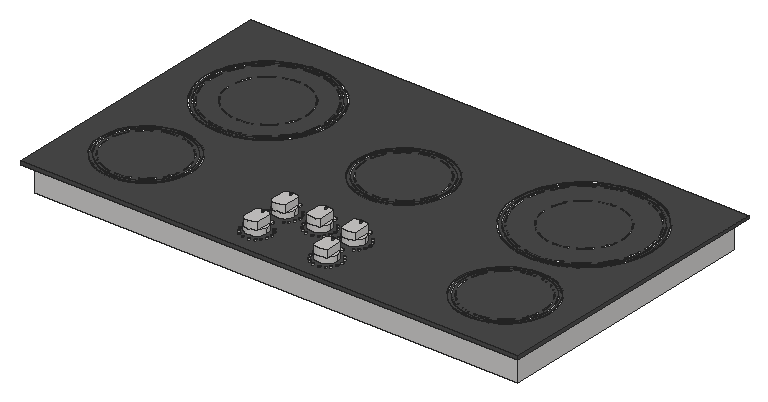
Revit family "QF_Summit_CR5B36MB_Electric Cooktop", category Specialty Equipment, Revit 2020 (continued)
Automatic sketch dimensions
  Extrusion 1 sketch curve to plane 9 = 1.76316"  (x2)
  Extrusion 1 sketch curve to Extrusion 1 sketch curve = 0.01087"  (x3)
  Extrusion 1 sketch curve to Extrusion 1 sketch curve = 0.2443"  (x2)
  Extrusion 1 sketch curve to Extrusion 1 sketch curve = 0.02692"  (x2)
  plane 8 "Center X" to Extrusion 1 sketch curve = 2.38316"
  plane 8 "Center X" to Extrusion 1 sketch curve = 2.36784"
  plane 8 "Center X" to Extrusion 1 sketch curve = 0.16354"
  Extrusion 1 sketch curve to Extrusion 1 sketch curve = 0.38837"
  plane 8 "Center X" to Extrusion 1 sketch curve = 2.79942"
  Extrusion 1 sketch curve to Extrusion 1 sketch curve = 0.18999"  (x2)
  plane 8 "Center X" to Extrusion 1 sketch curve = 0.13817"
  Extrusion 1 sketch curve to Extrusion 1 sketch curve = 0.01825"
  plane 8 "Center X" to Extrusion 1 sketch curve = 2.78889"
  plane 8 "Center X" to Extrusion 1 sketch curve = 4.20503"
  Extrusion 1 sketch curve to Extrusion 1 sketch curve = 0.3326"  (x2)
  plane 8 "Center X" to Extrusion 1 sketch curve = 4.21065"
  Extrusion 1 sketch curve to Extrusion 1 sketch curve = 0.03074"  (x4)
  Extrusion 1 sketch curve to Extrusion 1 sketch curve = 0.03902"  (x2)
  Extrusion 1 sketch curve to plane 8 "Center X" = 2.55785"
  Extrusion 1 sketch curve to Extrusion 1 sketch curve = 0.89021"  (x3)
  Extrusion 1 sketch curve to plane 8 "Center X" = 2.58859"
  Extrusion 1 sketch curve to plane 10 = 2.73507"
  Extrusion 1 sketch curve to plane 10 = 2.71296"
  Extrusion 1 sketch curve to Extrusion 1 sketch curve = 0.46522"  (x3)
  Extrusion 1 sketch curve to Extrusion 1 sketch curve = 0.94381"  (x3)
  Extrusion 1 sketch curve to plane 10 = 3.0831"
  Extrusion 1 sketch curve to Extrusion 1 sketch curve = 0.3285"
  plane 8 "Center X" to Extrusion 1 sketch curve = 0.89617"
  Extrusion 1 sketch curve to plane 10 = 3.06292"
  Extrusion 1 sketch curve to Extrusion 1 sketch curve = 0.02386"
  plane 8 "Center X" to Extrusion 1 sketch curve = 0.87399"
  plane 8 "Center X" to Extrusion 1 sketch curve = 1.27061"
  Extrusion 1 sketch curve to Extrusion 1 sketch curve = 0.28259"
  plane 8 "Center X" to Extrusion 1 sketch curve = 1.25315"
  Extrusion 1 sketch curve to Extrusion 1 sketch curve = 0.02592"
  Extrusion 1 sketch curve to plane 9 = 1.62398"  (x2)
  Extrusion 1 sketch curve to Extrusion 1 sketch curve = 0.42951"  (x3)
  Extrusion 1 sketch curve to plane 9 = 1.59309"  (x2)
  Extrusion 1 sketch curve to Extrusion 1 sketch curve = 0.00477"  (x3)
  Extrusion 1 sketch curve to plane 10 = 3.96689"
  Extrusion 1 sketch curve to plane 10 = 3.95302"
  Extrusion 1 sketch curve to Extrusion 1 sketch curve = 0.17561"
  plane 8 "Center X" to Extrusion 1 sketch curve = 2.23176"
  Extrusion 1 sketch curve to Extrusion 1 sketch curve = 0.02926"
  plane 8 "Center X" to Extrusion 1 sketch curve = 2.22116"
  Extrusion 1 sketch curve to plane 8 "Center X" = 2.71252"
  Extrusion 1 sketch curve to Extrusion 1 sketch curve = 0.97809"  (x3)
  plane 8 "Center X" to Extrusion 1 sketch curve = 2.66365"
  Extrusion 1 sketch curve to Extrusion 1 sketch curve = 0.13097"
  Extrusion 1 sketch curve to plane 8 "Center X" = 2.68319"
  Extrusion 1 sketch curve to Extrusion 1 sketch curve = 0.01079"  (x3)
  plane 8 "Center X" to Extrusion 1 sketch curve = 2.65614"
  Extrusion 1 sketch curve to Extrusion 1 sketch curve = 0.03033"
  plane 8 "Center X" to Extrusion 1 sketch curve = 4.20785"
  Extrusion 1 sketch curve to Extrusion 1 sketch curve = 0.25109"
  Extrusion 1 sketch curve to Extrusion 1 sketch curve = 0.02761"
  plane 8 "Center X" to Extrusion 1 sketch curve = 4.21136"
  Extrusion 1 sketch curve to Extrusion 1 sketch curve = 0.03105"
  Extrusion 1 sketch curve to Extrusion 1 sketch curve = 0.43746"  (x3)
  Extrusion 1 sketch curve to Extrusion 1 sketch curve = 0.01578"  (x3)
  Extrusion 1 sketch curve to plane 9 = 1.97936"  (x2)
  Extrusion 1 sketch curve to plane 9 = 1.95252"  (x2)
  Extrusion 1 sketch curve to plane 9 = 2.21634"
  Extrusion 1 sketch curve to Extrusion 1 sketch curve = 0.33695"  (x3)
  Extrusion 1 sketch curve to plane 9 = 2.19414"
  Extrusion 1 sketch curve to Extrusion 1 sketch curve = 0.72622"  (x3)
  Extrusion 1 sketch curve to Extrusion 1 sketch curve = 0.02404"  (x3)
  Extrusion 1 sketch curve to Extrusion 1 sketch curve = 0.25346"  (x3)
  Extrusion 1 sketch curve to Extrusion 1 sketch curve = 0.02693"  (x3)
  Extrusion 1 sketch curve to plane 9 = 2.99538"
  Extrusion 1 sketch curve to plane 9 = 2.98011"
  Extrusion 1 sketch curve to Extrusion 1 sketch curve = 0.18281"  (x3)
  Extrusion 1 sketch curve to Extrusion 1 sketch curve = 0.02935"  (x3)
  Extrusion 1 sketch curve to Extrusion 1 sketch curve = 0.3401"  (x3)
  Extrusion 1 sketch curve to Extrusion 1 sketch curve = 0.03919"  (x3)
  plane 7 "Center Y" to Extrusion 1 sketch curve = 2.77598"
  plane 7 "Center Y" to Extrusion 1 sketch curve = 2.73583"
  plane 7 "Center Y" to Extrusion 1 sketch curve = 2.61553"
  plane 7 "Center Y" to Extrusion 1 sketch curve = 2.42067"
  plane 7 "Center Y" to Extrusion 1 sketch curve = 2.39605"
  Extrusion 1 sketch curve to plane 8 "Center X" = 0.06624"
  Extrusion 1 sketch curve to plane 8 "Center X" = 0.04406"
  plane 7 "Center Y" to Extrusion 1 sketch curve = 1.77092"
  Extrusion 1 sketch curve to plane 8 "Center X" = 0.68519"
  Extrusion 1 sketch curve to plane 8 "Center X" = 0.65815"
  Extrusion 1 sketch curve to Extrusion 1 sketch curve = 0.01567"
  Extrusion 1 sketch curve to Extrusion 1 sketch curve = 0.00564"  (x2)
  Extrusion 1 sketch curve to plane 8 "Center X" = 0.99625"
  Extrusion 1 sketch curve to plane 8 "Center X" = 1.02713"
  Extrusion 1 sketch curve to plane 8 "Center X" = 0.64087"
  Extrusion 1 sketch curve to plane 8 "Center X" = 0.6677"
  Extrusion 1 sketch curve to plane 8 "Center X" = 0.40388"
  Extrusion 1 sketch curve to plane 8 "Center X" = 0.42608"
  plane 8 "Center X" to Extrusion 1 sketch curve = 0.37516"
  plane 8 "Center X" to Extrusion 1 sketch curve = 0.35989"
  plane 8 "Center X" to Extrusion 1 sketch curve = 0.77304"
  plane 8 "Center X" to Extrusion 1 sketch curve = 0.7623"
  plane 8 "Center X" to Extrusion 1 sketch curve = 2.17997"
  plane 8 "Center X" to Extrusion 1 sketch curve = 2.18525"
  Extrusion 1 sketch curve to Extrusion 1 sketch curve = 4.81332"
  plane 8 "Center X" to Extrusion 1 sketch curve = 3.26425"
  Extrusion 1 sketch curve to Extrusion 1 sketch curve = 0.02523"
  plane 8 "Center X" to Extrusion 1 sketch curve = 3.26773"
  Extrusion 1 sketch curve to Extrusion 1 sketch curve = 0.03106"
  Extrusion 1 sketch curve to plane 10 = 4.90116"
  Extrusion 1 sketch curve to Extrusion 1 sketch curve = 0.09582"
  Extrusion 1 sketch curve to plane 10 = 4.90891"
  Extrusion 1 sketch curve to Extrusion 1 sketch curve = 0.11191"
  plane 8 "Center X" to Extrusion 1 sketch curve = 2.24713"
  Extrusion 1 sketch curve to Extrusion 1 sketch curve = 0.21885"
  Extrusion 1 sketch curve to plane 10 = 4.46629"
  Extrusion 1 sketch curve to Extrusion 1 sketch curve = 0.02918"
  plane 8 "Center X" to Extrusion 1 sketch curve = 2.25844"
  plane 8 "Center X" to Extrusion 1 sketch curve = 1.80919"
  Extrusion 1 sketch curve to Extrusion 1 sketch curve = 0.17154"
  plane 8 "Center X" to Extrusion 1 sketch curve = 1.82387"
  Extrusion 1 sketch curve to Extrusion 1 sketch curve = 0.02759"
  Extrusion 1 sketch curve to plane 10 = 3.54281"
  Extrusion 1 sketch curve to Extrusion 1 sketch curve = 0.46243"
  Extrusion 1 sketch curve to plane 10 = 3.56102"
  Extrusion 1 sketch curve to plane 10 = 3.17572"
  Extrusion 1 sketch curve to Extrusion 1 sketch curve = 0.27174"
  plane 8 "Center X" to Extrusion 1 sketch curve = 0.97887"
  Extrusion 1 sketch curve to plane 10 = 3.19784"
  Extrusion 1 sketch curve to Extrusion 1 sketch curve = 0.02212"
  plane 8 "Center X" to Extrusion 1 sketch curve = 1.00099"
  Extrusion 1 sketch curve to Extrusion 1 sketch curve = 1.27803"
  plane 8 "Center X" to Extrusion 1 sketch curve = 3.26756"
  plane 8 "Center X" to Extrusion 1 sketch curve = 3.27266"
  plane 8 "Center X" to Extrusion 1 sketch curve = 0.65349"
  Extrusion 1 sketch curve to Extrusion 1 sketch curve = 0.33332"
  plane 8 "Center X" to Extrusion 1 sketch curve = 0.67565"
  Extrusion 1 sketch curve to Extrusion 1 sketch curve = 0.02215"
  Extrusion 1 sketch curve to plane 10 = 4.93798"
  Extrusion 1 sketch curve to plane 10 = 4.94901"
  Extrusion 1 sketch curve to plane 10 = 2.54153"
  Extrusion 1 sketch curve to plane 10 = 2.56745"
  Extrusion 1 sketch curve to plane 10 = 2.30136"
  Extrusion 1 sketch curve to Extrusion 1 sketch curve = 0.38833"
  Extrusion 1 sketch curve to plane 10 = 2.32914"
  Extrusion 1 sketch curve to Extrusion 1 sketch curve = 0.01433"
  plane 8 "Center X" to Extrusion 1 sketch curve = 0.08609"
  plane 8 "Center X" to Extrusion 1 sketch curve = 0.11404"
  Extrusion 1 sketch curve to plane 10 = 3.76764"
  Extrusion 1 sketch curve to plane 10 = 3.79198"
  Extrusion 1 sketch curve to plane 8 "Center X" = 0.08153"
  Extrusion 1 sketch curve to Extrusion 1 sketch curve = 0.36906"
  Extrusion 1 sketch curve to plane 8 "Center X" = 0.05229"
  Extrusion 1 sketch curve to Extrusion 1 sketch curve = 0.01104"
  Extrusion 1 sketch curve to plane 10 = 3.53891"
  Extrusion 1 sketch curve to plane 10 = 3.56584"
  Extrusion 1 sketch curve to plane 9 = 3.86577"
  Extrusion 1 sketch curve to plane 10 = 1.9415"
  Extrusion 1 sketch curve to plane 10 = 1.97204"
  Extrusion 1 sketch curve to plane 10 = 3.19597"
  Extrusion 1 sketch curve to plane 10 = 3.2268"
  Extrusion 1 sketch curve to plane 10 = 1.87384"
  Extrusion 1 sketch curve to Extrusion 1 sketch curve = 0.40915"
  Extrusion 1 sketch curve to plane 10 = 1.9049"
  Extrusion 1 sketch curve to Extrusion 1 sketch curve = 0.00341"
  Extrusion 1 sketch curve to plane 8 "Center X" = 0.32583"
  Extrusion 1 sketch curve to plane 8 "Center X" = 0.29472"
  Extrusion 1 sketch curve to plane 8 "Center X" = 0.31159"
  Extrusion 1 sketch curve to Extrusion 1 sketch curve = 0.41987"
  Extrusion 1 sketch curve to plane 10 = 1.92726"
  Extrusion 1 sketch curve to plane 10 = 1.89637"
  Extrusion 1 sketch curve to plane 10 = 2.02886"
  Extrusion 1 sketch curve to Extrusion 1 sketch curve = 0.47212"
  Extrusion 1 sketch curve to plane 10 = 1.99876"
  Extrusion 1 sketch curve to Extrusion 1 sketch curve = 0.00839"
  Extrusion 1 sketch curve to plane 8 "Center X" = 0.15628"
  Extrusion 1 sketch curve to plane 8 "Center X" = 0.18633"
  Extrusion 1 sketch curve to Extrusion 1 sketch curve = 0.0086"
  Extrusion 1 sketch curve to plane 8 "Center X" = 0.01927"
  Extrusion 1 sketch curve to Extrusion 1 sketch curve = 0.39847"
  Extrusion 1 sketch curve to plane 8 "Center X" = 0.04825"
  Extrusion 1 sketch curve to Extrusion 1 sketch curve = 0.01169"
  Extrusion 1 sketch curve to plane 10 = 2.41189"
  Extrusion 1 sketch curve to plane 10 = 2.38476"
  Extrusion 1 sketch curve to Extrusion 1 sketch curve = 0.74742"
  Extrusion 1 sketch curve to Extrusion 1 sketch curve = 0.02411"
  Extrusion 1 sketch curve to Extrusion 1 sketch curve = 0.63308"
  Extrusion 1 sketch curve to Extrusion 1 sketch curve = 0.39692"
  Extrusion 1 sketch curve to Extrusion 1 sketch curve = 0.02724"
  Extrusion 1 sketch curve to Extrusion 1 sketch curve = 0.01859"
  plane 8 "Center X" to Extrusion 1 sketch curve = 0.49268"
  plane 8 "Center X" to Extrusion 1 sketch curve = 0.46768"
  Extrusion 1 sketch curve to Extrusion 1 sketch curve = 0.03131"  (x2)
  plane 8 "Center X" to Extrusion 1 sketch curve = 0.79966"
  Extrusion 1 sketch curve to Extrusion 1 sketch curve = 0.36291"
  plane 8 "Center X" to Extrusion 1 sketch curve = 0.77756"
  Extrusion 1 sketch curve to Extrusion 1 sketch curve = 0.75024"
  Extrusion 1 sketch curve to Extrusion 1 sketch curve = 0.02441"
  Extrusion 1 sketch curve to Extrusion 1 sketch curve = 0.2558"
  Extrusion 1 sketch curve to Extrusion 1 sketch curve = 0.64884"
  Extrusion 1 sketch curve to Extrusion 1 sketch curve = 0.02639"
  Extrusion 1 sketch curve to Extrusion 1 sketch curve = 0.02659"
  Extrusion 1 sketch curve to Extrusion 1 sketch curve = 0.21868"
  Extrusion 1 sketch curve to Extrusion 1 sketch curve = 0.02828"
  Extrusion 1 sketch curve to Extrusion 1 sketch curve = 0.4318"
  Extrusion 1 sketch curve to Extrusion 1 sketch curve = 0.02974"
  Extrusion 1 sketch curve to Extrusion 1 sketch curve = 0.65171"
  Extrusion 1 sketch curve to Extrusion 1 sketch curve = 0.02726"
  Extrusion 1 sketch curve to Extrusion 1 sketch curve = 0.11408"
  Extrusion 1 sketch curve to Extrusion 1 sketch curve = 0.31254"
  Extrusion 1 sketch curve to Extrusion 1 sketch curve = 0.03063"
  Extrusion 1 sketch curve to Extrusion 1 sketch curve = 0.03071"
  Extrusion 1 sketch curve to Extrusion 1 sketch curve = 0.06155"
  Extrusion 1 sketch curve to Extrusion 1 sketch curve = 0.2339"
  Extrusion 1 sketch curve to Extrusion 1 sketch curve = 0.02512"
  Extrusion 1 sketch curve to Extrusion 1 sketch curve = 0.06722"
  Extrusion 1 sketch curve to Extrusion 1 sketch curve = 0.16032"
  Extrusion 1 sketch curve to Extrusion 1 sketch curve = 0.02712"
  Extrusion 1 sketch curve to Extrusion 1 sketch curve = 0.00514"
  Extrusion 1 sketch curve to Extrusion 1 sketch curve = 0.3418"
  Extrusion 1 sketch curve to Extrusion 1 sketch curve = 0.01673"
  Extrusion 1 sketch curve to Extrusion 1 sketch curve = 0.34736"
  Extrusion 1 sketch curve to Extrusion 1 sketch curve = 0.01734"
  Extrusion 1 sketch curve to Extrusion 1 sketch curve = 0.2018"
  Extrusion 1 sketch curve to Extrusion 1 sketch curve = 0.02433"
  Extrusion 1 sketch curve to Extrusion 1 sketch curve = 0.33276"
  Extrusion 1 sketch curve to Extrusion 1 sketch curve = 0.01587"
  Extrusion 1 sketch curve to Extrusion 1 sketch curve = 0.43003"
  Extrusion 1 sketch curve to Extrusion 1 sketch curve = 0.4627"
  Extrusion 1 sketch curve to Extrusion 1 sketch curve = 1.38327"
  Extrusion 1 sketch curve to Extrusion 1 sketch curve = 0.01413"  (x2)
  Extrusion 1 sketch curve to Extrusion 1 sketch curve = 0.17947"  (x3)
  Extrusion 1 sketch curve to Extrusion 1 sketch curve = 0.65841"
  Extrusion 1 sketch curve to Extrusion 1 sketch curve = 0.2284"  (x2)
  Extrusion 1 sketch curve to Extrusion 1 sketch curve = 0.49064"
  Extrusion 1 sketch curve to Extrusion 1 sketch curve = 0.00579"
  Extrusion 1 sketch curve to Extrusion 1 sketch curve = 0.49233"
  Extrusion 1 sketch curve to Extrusion 1 sketch curve = 0.00363"
  Extrusion 1 sketch curve to Extrusion 1 sketch curve = 0.41626"
  Extrusion 1 sketch curve to Extrusion 1 sketch curve = 0.01532"
  Extrusion 1 sketch curve to Extrusion 1 sketch curve = 0.41338"
  Extrusion 1 sketch curve to Extrusion 1 sketch curve = 0.44536"
  Extrusion 1 sketch curve to Extrusion 1 sketch curve = 0.0053"
  Extrusion 1 sketch curve to Extrusion 1 sketch curve = 0.19892"
  Extrusion 1 sketch curve to Extrusion 1 sketch curve = 0.0293"
  Extrusion 1 sketch curve to Extrusion 1 sketch curve = 2.77589"
  Extrusion 1 sketch curve to Extrusion 1 sketch curve = 0.34485"  (x2)
  Extrusion 1 sketch curve to Extrusion 1 sketch curve = 0.01586"  (x2)
  Extrusion 1 sketch curve to Extrusion 1 sketch curve = 0.42791"  (x2)
  Extrusion 1 sketch curve to Extrusion 1 sketch curve = 0.39788"
  Extrusion 1 sketch curve to Extrusion 1 sketch curve = 0.01527"
  Extrusion 1 sketch curve to Extrusion 1 sketch curve = 0.90427"
  Extrusion 6 sketch curve to plane 7 "Center Y" = 0"
  plane 7 "Center Y" to Extrusion 6 sketch curve = 2 1/2"
  Extrusion 6 sketch curve to Extrusion 6 sketch curve = 0"  (x4)
  Extrusion 6 sketch curve to plane 7 "Center Y" = 2 1/2"
  Extrusion 6 sketch curve to plane 9 = 3.87741"
  Extrusion 6 sketch curve to plane 9 = 1.37741"  (x2)
  Extrusion 11 sketch curve to Extrusion 1 = 0.43901"  (x3)
  Extrusion 11 sketch curve to Extrusion 1 = 2.47006"  (x2)
  Extrusion 11 sketch curve to Extrusion 1 = 0.01071"
  Extrusion 11 sketch curve to Extrusion 11 sketch curve = 2 1/2"
  Extrusion 11 sketch curve to Extrusion 11 sketch curve = 0"
  Extrusion 11 sketch curve to Extrusion 1 = 2.00241"  (x2)
  Extrusion 7 sketch curve to Extrusion 7 sketch curve = 0.51977"  (x10)
  Extrusion 10 sketch curve to Extrusion 7 = 0.51977"  (x5)
  Extrusion 10 sketch curve to Extrusion 10 sketch curve = 0"  (x2)
  Extrusion 10 sketch curve to Extrusion 10 sketch curve = 2 1/2"  (x2)
  plane 7 "Center Y" to Extrusion 8 sketch curve = 3.51521"
  Extrusion 8 sketch curve to Extrusion 8 sketch curve = 0"  (x6)
  Extrusion 8 sketch curve to Extrusion 8 sketch curve = 0.05938"  (x10)
  Extrusion 8 sketch curve to Extrusion 8 sketch curve = 0.13105"  (x5)
  Extrusion 8 sketch curve to Extrusion 8 sketch curve = 0.16469"  (x10)
  Extrusion 8 sketch curve to Extrusion 8 sketch curve = 0.20819"  (x10)
  Extrusion 8 sketch curve to Extrusion 8 sketch curve = 0.22031"  (x20)
  Extrusion 8 sketch curve to Extrusion 8 sketch curve = 0.33903"  (x5)
  Extrusion 8 sketch curve to Extrusion 8 sketch curve = 0.4636"  (x2)
  Extrusion 8 sketch curve to Extrusion 8 sketch curve = 1.14167"  (x2)
  Extrusion 8 sketch curve to Extrusion 8 sketch curve = 1.35194"  (x2)
  Extrusion 8 sketch curve to Extrusion 8 sketch curve = 0.10514"  (x2)
  Extrusion 8 sketch curve to Extrusion 8 sketch curve = 0.46957"  (x2)
  plane 7 "Center Y" to Extrusion 8 sketch curve = 0.2318"
  Extrusion 8 sketch curve to plane 7 "Center Y" = 0.2318"
  Extrusion 8 sketch curve to plane 7 "Center Y" = 0.67597"
  Extrusion 8 sketch curve to plane 7 "Center Y" = 1.48479"
  Extrusion 8 sketch curve to plane 9 = 4.61441"
  Extrusion 8 sketch curve to Extrusion 8 sketch curve = 0.26373"  (x10)
  Extrusion 8 sketch curve to Extrusion 8 sketch curve = 0.36499"  (x10)
  Extrusion 8 sketch curve to Extrusion 8 sketch curve = 0.37489"  (x10)
  Extrusion 8 sketch curve to Extrusion 8 sketch curve = 0.33767"  (x10)
  Extrusion 8 sketch curve to Extrusion 8 sketch curve = 0.14514"  (x6)
  Extrusion 8 sketch curve to Extrusion 8 sketch curve = 0.93841"  (x4)
  Extrusion 9 sketch curve to plane 7 "Center Y" = 0"
  plane 7 "Center Y" to Extrusion 9 sketch curve = 2 1/2"
  Extrusion 9 sketch curve to Extrusion 9 sketch curve = 0"  (x3)
  Extrusion 9 sketch curve to plane 7 "Center Y" = 2 1/2"
  Extrusion 9 sketch curve to Extrusion 9 sketch curve = 2 1/2"  (x3)
  Extrusion 9 sketch curve to plane 8 "Center X" = 4.52718"
  curve 5 to curve 7 = 0"  (x2)
  curve 5 to curve 9 = 0"  (x2)
  curve 5 to curve 11 = 0"  (x2)
  curve 5 to curve 13 = 0"  (x2)
  curve 5 to curve 15 = 0"  (x2)
  curve 5 to curve 17 = 0"  (x2)
  curve 5 to curve 19 = 0"  (x2)
  curve 5 to curve 21 = 0"  (x2)
  curve 5 to curve 23 = 0"  (x2)
  curve 5 to curve 25 = 0"  (x2)
  curve 5 to curve 27 = 0"  (x2)
  curve 5 to curve 29 = 0"  (x2)
  curve 5 to curve 31 = 0"  (x2)
  curve 5 to curve 33 = 0"  (x2)
  curve 5 to curve 35 = 0"  (x2)
  curve 5 to curve 37 = 0"  (x2)
  curve 5 to curve 39 = 0"  (x2)
  curve 5 to curve 41 = 0"  (x2)
  curve 5 to curve 43 = 0"  (x2)
  curve 5 to curve 45 = 0"  (x2)
  curve 5 to curve 47 = 0"  (x2)
  curve 5 to curve 49 = 0"  (x2)
  curve 5 to curve 51 = 0"
  curve 5 to curve 53 = 0"  (x2)
  curve 5 to curve 55 = 0"  (x2)
  curve 5 to curve 57 = 0"  (x2)
  curve 5 to curve 59 = 0"  (x2)
  curve 5 to curve 61 = 0"  (x2)
  curve 5 to curve 63 = 0"  (x2)
  curve 5 to curve 65 = 0"  (x2)
  curve 5 to curve 67 = 0"  (x2)
  curve 5 to curve 69 = 0"  (x2)
  curve 5 to curve 71 = 0"  (x2)
  curve 5 to curve 73 = 0"  (x2)
  curve 5 to curve 75 = 0"  (x2)
  curve 5 to curve 77 = 0"  (x2)
  curve 5 to curve 79 = 0"  (x2)
  curve 5 to curve 81 = 0"
  curve 5 to curve 83 = 0"
  curve 5 to curve 85 = 0"
  curve 5 to curve 87 = 0"
  curve 5 to curve 89 = 0"
  curve 5 to curve 91 = 0"
  curve 5 to curve 93 = 0"
  curve 5 to curve 95 = 0"
  curve 5 to curve 97 = 0"
  curve 5 to curve 99 = 0"
  curve 5 to curve 101 = 0"
  curve 5 to curve 103 = 0"
  curve 5 to curve 105 = 0"
  curve 5 to curve 107 = 0"
  curve 5 to curve 109 = 0"
  curve 5 to curve 111 = 0"
  curve 5 to curve 113 = 0"
  curve 5 to curve 115 = 0"
  curve 5 to curve 117 = 0"
  curve 5 to curve 119 = 0"
  curve 5 to curve 121 = 0"
  curve 5 to curve 123 = 0"
  curve 5 to curve 125 = 0"
  curve 5 to curve 127 = 0"
  curve 79 to curve 127 = 0"
  curve 81 to curve 83 = 0"
  curve 81 to curve 85 = 0"
  curve 81 to curve 87 = 0"
  curve 81 to curve 89 = 0"
  curve 81 to curve 91 = 0"
  curve 81 to curve 93 = 0"
  curve 81 to curve 95 = 0"
  curve 81 to curve 97 = 0"
  curve 81 to curve 99 = 0"
  curve 81 to curve 101 = 0"
  curve 81 to curve 105 = 0"
  curve 81 to curve 107 = 0"
  curve 81 to curve 109 = 0"
  curve 81 to curve 111 = 0"
  curve 81 to curve 113 = 0"
  curve 81 to curve 115 = 0"
  curve 81 to curve 117 = 0"
  curve 81 to curve 119 = 0"
  curve 81 to curve 121 = 0"
  curve 81 to curve 123 = 0"
  curve 81 to curve 125 = 0"
  curve 81 to curve 127 = 0"
  curve 129 to curve 131 = 0"  (x2)
  curve 129 to curve 133 = 0"  (x2)
  curve 129 to curve 135 = 0"  (x2)
  curve 129 to curve 137 = 0"  (x2)
  curve 129 to curve 139 = 0"  (x2)
  curve 129 to curve 141 = 0"  (x2)
  curve 129 to curve 143 = 0"  (x2)
  curve 129 to curve 145 = 0"  (x2)
  curve 129 to curve 147 = 0"  (x2)
  curve 129 to curve 149 = 0"  (x2)
  curve 129 to curve 151 = 0"  (x2)
  curve 129 to curve 153 = 0"  (x2)
  curve 129 to curve 155 = 0"  (x2)
  curve 129 to curve 157 = 0"  (x2)
  curve 129 to curve 159 = 0"  (x2)
  curve 129 to curve 161 = 0"  (x2)
  curve 129 to curve 163 = 0"  (x2)
  curve 129 to curve 165 = 0"  (x2)
  curve 129 to curve 167 = 0"  (x2)
  curve 129 to curve 169 = 0"  (x2)
  curve 129 to curve 171 = 0"  (x2)
  curve 129 to curve 173 = 0"  (x2)
  curve 129 to curve 175 = 0"  (x2)
  curve 129 to curve 177 = 0"  (x2)
  curve 129 to curve 179 = 0"  (x2)
  curve 129 to curve 181 = 0"  (x2)
  curve 129 to curve 183 = 0"  (x2)
  curve 185 to curve 187 = 0"  (x2)
  curve 185 to curve 189 = 0"  (x2)
  curve 185 to curve 191 = 0"  (x2)
  curve 185 to curve 193 = 0"  (x2)
  curve 185 to curve 195 = 0"  (x2)
  curve 185 to curve 197 = 0"  (x2)
  curve 185 to curve 199 = 0"  (x2)
  curve 185 to curve 201 = 0"  (x2)
  curve 185 to curve 203 = 0"  (x2)
  curve 185 to curve 205 = 0"  (x2)
  curve 185 to curve 207 = 0"  (x2)
  curve 185 to curve 209 = 0"  (x2)
  curve 185 to curve 211 = 0"  (x2)
  curve 185 to curve 213 = 0"  (x2)
  curve 185 to curve 215 = 0"  (x2)
  curve 185 to curve 217 = 0"  (x2)
  curve 185 to curve 219 = 0"  (x2)
  curve 185 to curve 221 = 0"  (x2)
  curve 185 to curve 223 = 0"  (x2)
  curve 185 to curve 225 = 0"  (x2)
  curve 185 to curve 227 = 0"  (x2)
  curve 185 to curve 229 = 0"  (x2)
  curve 185 to curve 231 = 0"  (x2)
  curve 185 to curve 233 = 0"  (x2)
  curve 185 to curve 235 = 0"  (x2)
  curve 185 to curve 237 = 0"  (x2)
  curve 185 to curve 239 = 0"  (x2)
  curve 241 to curve 243 = 0"
  curve 241 to curve 321 = 0"
  curve 241 to curve 323 = 0"
  curve 241 to curve 325 = 0"
  curve 241 to curve 327 = 0"
  curve 241 to curve 329 = 0"
  curve 241 to curve 331 = 0"
  curve 241 to curve 333 = 0"
  curve 241 to curve 335 = 0"
  curve 241 to curve 337 = 0"
  curve 241 to curve 339 = 0"
  curve 241 to curve 341 = 0"
  curve 241 to curve 345 = 0"
  curve 241 to curve 347 = 0"
  curve 241 to curve 349 = 0"
  curve 241 to curve 351 = 0"
  curve 241 to curve 353 = 0"
  curve 241 to curve 355 = 0"
  curve 241 to curve 357 = 0"
  curve 241 to curve 359 = 0"
  curve 241 to curve 361 = 0"
  curve 241 to curve 363 = 0"
  curve 241 to curve 365 = 0"
  curve 241 to curve 367 = 0"
  curve 242 to curve 265 = 0"
  curve 243 to curve 245 = 0"
  curve 243 to curve 247 = 0"
  curve 243 to curve 249 = 0"
  curve 243 to curve 251 = 0"
  curve 243 to curve 253 = 0"
  curve 243 to curve 255 = 0"
  curve 243 to curve 257 = 0"
  curve 243 to curve 259 = 0"
  curve 243 to curve 261 = 0"
  curve 243 to curve 263 = 0"
  curve 243 to curve 265 = 0"
  curve 243 to curve 267 = 0"
  curve 243 to curve 269 = 0"
  curve 243 to curve 271 = 0"
  curve 243 to curve 273 = 0"
  curve 243 to curve 275 = 0"
  curve 243 to curve 277 = 0"
  curve 243 to curve 279 = 0"
  curve 243 to curve 281 = 0"
  curve 243 to curve 283 = 0"
  curve 243 to curve 285 = 0"
  curve 243 to curve 287 = 0"
  curve 243 to curve 289 = 0"
  curve 243 to curve 291 = 0"
  curve 243 to curve 293 = 0"
  curve 243 to curve 295 = 0"
  curve 243 to curve 297 = 0"
  curve 243 to curve 299 = 0"
  curve 243 to curve 301 = 0"
  curve 243 to curve 303 = 0"
  curve 243 to curve 305 = 0"
  curve 243 to curve 307 = 0"
  curve 243 to curve 309 = 0"
  curve 243 to curve 311 = 0"
  curve 243 to curve 313 = 0"
  curve 243 to curve 315 = 0"
  curve 243 to curve 317 = 0"
  curve 243 to curve 319 = 0"
  curve 243 to curve 321 = 0"
  curve 243 to curve 323 = 0"
  curve 243 to curve 325 = 0"
  curve 243 to curve 327 = 0"
  curve 243 to curve 329 = 0"
  curve 243 to curve 331 = 0"
  curve 243 to curve 333 = 0"
  curve 243 to curve 335 = 0"
  curve 243 to curve 337 = 0"
  curve 243 to curve 339 = 0"
  curve 243 to curve 341 = 0"
  curve 243 to curve 343 = 0"
  curve 243 to curve 345 = 0"
  curve 245 to curve 247 = 0"
  curve 245 to curve 249 = 0"
  curve 245 to curve 251 = 0"
  curve 245 to curve 253 = 0"
  curve 245 to curve 255 = 0"
  curve 245 to curve 257 = 0"
  curve 245 to curve 259 = 0"
  curve 245 to curve 261 = 0"
  curve 245 to curve 263 = 0"
  curve 245 to curve 265 = 0"
  curve 245 to curve 267 = 0"
  curve 245 to curve 269 = 0"
  curve 245 to curve 271 = 0"
  curve 245 to curve 273 = 0"
  curve 245 to curve 275 = 0"
  curve 245 to curve 277 = 0"
  curve 245 to curve 279 = 0"
  curve 245 to curve 281 = 0"
  curve 245 to curve 283 = 0"
  curve 245 to curve 285 = 0"
  curve 245 to curve 287 = 0"
  curve 245 to curve 289 = 0"
  curve 245 to curve 291 = 0"
  curve 245 to curve 293 = 0"
  curve 245 to curve 295 = 0"
  curve 245 to curve 297 = 0"
  curve 245 to curve 299 = 0"
  curve 245 to curve 301 = 0"
  curve 245 to curve 303 = 0"
  curve 245 to curve 305 = 0"
  curve 245 to curve 307 = 0"
  curve 245 to curve 309 = 0"
  curve 245 to curve 311 = 0"
  curve 245 to curve 313 = 0"
  curve 245 to curve 315 = 0"
  curve 245 to curve 317 = 0"
  curve 245 to curve 319 = 0"
  curve 299 to curve 365 = 0"
  curve 345 to curve 367 = 0"
  curve 347 to curve 367 = 0"
  curve 349 to curve 367 = 0"
  curve 351 to curve 367 = 0"
  curve 353 to curve 367 = 0"
  curve 355 to curve 367 = 0"
  curve 357 to curve 367 = 0"
  curve 359 to curve 367 = 0"
  curve 361 to curve 367 = 0"
  curve 363 to curve 367 = 0"
  curve 365 to curve 367 = 0"
  curve 370 to curve 423 = 0"  (x2)
  curve 372 to curve 423 = 0"  (x2)
  curve 374 to curve 423 = 0"  (x2)
  curve 376 to curve 423 = 0"  (x2)
  curve 377 to curve 423 = 0"  (x2)
  curve 379 to curve 423 = 0"  (x2)
  curve 381 to curve 423 = 0"  (x2)
  curve 383 to curve 423 = 0"  (x2)
  curve 385 to curve 423 = 0"  (x2)
  curve 387 to curve 423 = 0"  (x2)
  curve 389 to curve 423 = 0"  (x2)
  curve 391 to curve 423 = 0"  (x2)
  curve 393 to curve 423 = 0"  (x2)
  curve 395 to curve 423 = 0"  (x2)
  curve 397 to curve 423 = 0"  (x2)
  curve 399 to curve 423 = 0"  (x2)
  curve 401 to curve 423 = 0"  (x2)
  curve 403 to curve 423 = 0"  (x2)
  curve 405 to curve 423 = 0"  (x2)
  curve 407 to curve 423 = 0"  (x2)
  curve 409 to curve 423 = 0"  (x2)
  curve 411 to curve 423 = 0"  (x2)
  curve 413 to curve 423 = 0"  (x2)
  curve 415 to curve 423 = 0"  (x2)
  curve 417 to curve 423 = 0"  (x2)
  curve 419 to curve 423 = 0"  (x2)
  curve 421 to curve 423 = 0"  (x2)
  curve 1 to plane 3 "LEFT" = 0"
  curve 215 to plane 7 "Center Y" = 0"
  curve 428 to plane 7 "Center Y" = 0"
  curve 457 to plane 7 "Center Y" = 0"
  curve 461 to plane 7 "Center Y" = 0"
  curve 4 to plane 4 "RIGHT" = 0"
  plane 5 "FRONT" to curve 1 = 0"
  plane 1 "BACK" to curve 2 = 0"
  curve 184 to plane 11 = 1.71195"
  curve 181 to curve 184 = 1/32"
  curve 184 to curve 138 = 0.00839"
  curve 138 to curve 138 = 0.0308"
  curve 183 to curve 182 = 0.13763"
  curve 182 to curve 182 = 0.02935"
  curve 14 to plane 11 = 1.93393"
  curve 14 to curve 14 = 0.03131"
  curve 15 to curve 20 = 0.03084"
  curve 14 to curve 16 = 0.0414"
  curve 20 to curve 20 = 0.03071"
  curve 16 to curve 16 = 0.03063"
  curve 183 to curve 180 = 0.15555"
  curve 177 to curve 180 = 0.02726"
  curve 138 to curve 140 = 0.31317"
  curve 16 to curve 22 = 0.08434"
  curve 140 to curve 140 = 0.02693"
  curve 22 to curve 22 = 0.02974"
  plane 8 "Center X" to curve 18 = 1.99032"
  curve 19 to curve 18 = 0.28425"
  plane 8 "Center X" to curve 18 = 2.00361"
  curve 18 to curve 18 = 0.02828"
  curve 139 to curve 142 = 0.22941"
  curve 141 to curve 142 = 0.02404"
  curve 19 to curve 80 = 0.19209"
  curve 22 to curve 24 = 0.40541"
  curve 80 to curve 80 = 0.02659"
  curve 24 to curve 24 = 0.02639"
  curve 178 to plane 9 = 2.19414"
  curve 179 to curve 178 = 0.62951"
  curve 177 to curve 178 = 0.0222"  (x2)
  curve 24 to curve 26 = 0.23139"
  curve 25 to curve 26 = 0.02441"
  curve 179 to curve 176 = 0.32095"
  curve 176 to curve 176 = 0.01601"
  curve 142 to curve 144 = 0.71045"
  curve 141 to curve 144 = 0.01578"
  plane 8 "Center X" to curve 78 = 0.77756"
  curve 79 to curve 78 = 0.62674"
  plane 8 "Center X" to curve 78 = 0.79966"
  curve 78 to curve 78 = 0.0221"
  curve 14 to curve 128 = 1.27517"
  curve 128 to curve 128 = 0.03131"
  curve 128 to curve 124 = 0.00828"
  curve 124 to curve 124 = 0.03074"
  plane 8 "Center X" to curve 126 = 2.78889"
  curve 127 to curve 126 = 0.12451"
  plane 8 "Center X" to curve 126 = 2.79942"
  curve 126 to curve 126 = 0.02942"
  curve 143 to curve 146 = 0.42666"
  curve 146 to curve 146 = 0.01079"
  plane 8 "Center X" to curve 76 = 0.46768"
  curve 79 to curve 76 = 0.34417"
  plane 8 "Center X" to curve 76 = 0.49268"
  curve 76 to curve 76 = 0.01874"
  curve 26 to curve 28 = 0.73165"
  curve 127 to curve 84 = 0.16275"
  curve 28 to curve 28 = 0.01859"
  curve 84 to curve 84 = 0.02724"
  curve 124 to curve 122 = 0.30568"
  curve 122 to curve 122 = 0.02692"
  curve 122 to curve 120 = 0.22019"
  curve 119 to curve 120 = 0.02411"
  curve 27 to curve 30 = 0.38141"
  curve 30 to curve 30 = 0.01551"
  curve 174 to plane 9 = 1.59309"
  curve 175 to curve 174 = 0.98255"
  curve 174 to plane 9 = 1.62398"
  curve 174 to curve 174 = 0.00477"
  plane 8 "Center X" to curve 82 = 1.60015"
  curve 83 to curve 82 = 0.61312"
  plane 8 "Center X" to curve 82 = 1.62419"
  curve 82 to curve 82 = 0.01996"
  curve 74 to plane 8 "Center X" = 0.04825"
  curve 75 to curve 74 = 0.89654"
  curve 74 to plane 8 "Center X" = 0.01927"
  curve 178 to curve 135 = 1.74307"
  curve 175 to curve 172 = 0.42951"
  curve 146 to curve 148 = 0.97809"
  plane 8 "Center X" to curve 88 = 1.35084"
  curve 83 to curve 88 = 0.33367"
  plane 8 "Center X" to curve 88 = 1.37772"
  curve 88 to curve 88 = 0.01594"
  curve 120 to curve 118 = 0.7319"
  curve 119 to curve 118 = 0.01552"
  curve 72 to plane 8 "Center X" = 0.18633"
  curve 75 to curve 72 = 0.38987"
  curve 72 to plane 8 "Center X" = 0.15628"
  curve 72 to curve 72 = 0.0086"
  curve 32 to plane 10 = 1.99876"
  curve 30 to curve 32 = 0.90867"
  curve 32 to plane 10 = 2.02886"
  curve 29 to curve 32 = 0.00839"
  curve 150 to plane 8 "Center X" = 2.58859"
  curve 148 to curve 150 = 0.46522"
  curve 150 to plane 8 "Center X" = 2.55785"
  curve 150 to curve 150 = 0.00564"
  curve 117 to curve 116 = 0.38892"
  curve 116 to curve 116 = 0.01092"
  curve 34 to plane 10 = 1.89637"
  curve 32 to curve 34 = 0.46739"
  curve 34 to plane 10 = 1.92726"
  curve 33 to curve 34 = 0.00473"
  curve 170 to plane 9 = 1.76316"
  curve 171 to curve 170 = 0.94381"
  curve 170 to plane 9 = 1.73386"
  curve 171 to curve 170 = 0.01087"
  plane 8 "Center X" to curve 86 = 1.00707"
  plane 8 "Center X" to curve 86 = 1.03785"
  curve 168 to plane 9 = 1.96207"
  curve 171 to curve 168 = 0.4222"
  curve 152 to plane 8 "Center X" = 2.92213"
  curve 150 to curve 152 = 0.89585"
  curve 168 to plane 9 = 1.93504"
  curve 167 to curve 168 = 0.01567"
  curve 152 to plane 8 "Center X" = 2.89519"
  curve 70 to plane 8 "Center X" = 0.31159"
  curve 87 to curve 92 = 0.44804"
  curve 116 to curve 114 = 1.01341"
  curve 152 to curve 154 = 0.35772"
  curve 154 to curve 154 = 0.0222"
  curve 68 to plane 8 "Center X" = 0.29472"
  curve 71 to curve 68 = 0.41987"
  curve 68 to plane 8 "Center X" = 0.32583"
  curve 67 to curve 68 = 0.00288"
  curve 36 to plane 10 = 1.9049"
  curve 36 to plane 10 = 1.87384"
  curve 114 to curve 112 = 0.38206"
  curve 112 to plane 10 = 3.19597"
  curve 112 to curve 112 = 0.00512"
  curve 166 to plane 9 = 2.57616"
  curve 166 to plane 9 = 2.55398"
  curve 38 to plane 10 = 1.97204"
  curve 35 to curve 38 = 0.41256"
  curve 38 to plane 10 = 1.9415"
  curve 38 to curve 38 = 0.00661"
  curve 162 to plane 9 = 2.95049"
  curve 167 to curve 162 = 0.26321"
  curve 154 to curve 156 = 0.64469"
  curve 162 to plane 9 = 2.93471"
  curve 161 to curve 162 = 0.02697"
  curve 156 to curve 156 = 0.02725"
  plane 8 "Center X" to curve 90 = 1.16104"
  curve 91 to curve 90 = 0.94818"
  plane 8 "Center X" to curve 90 = 1.13167"
  curve 90 to curve 90 = 0.01068"
  curve 155 to curve 158 = 0.19267"
  curve 158 to curve 158 = 0.02944"
  curve 164 to plane 9 = 3.87107"
  curve 164 to plane 9 = 3.86577"
  curve 161 to curve 160 = 0.0397"
  curve 159 to curve 160 = 1/32"
  plane 8 "Center X" to curve 96 = 1.35537"
  curve 91 to curve 96 = 0.41946"
  plane 8 "Center X" to curve 96 = 1.32823"
  curve 96 to curve 96 = 0.0155"
  curve 110 to plane 10 = 3.56584"
  curve 112 to curve 110 = 0.9339"
  curve 110 to plane 10 = 3.53891"
  curve 66 to plane 8 "Center X" = 0.05229"
  curve 66 to plane 8 "Center X" = 0.08153"
  curve 108 to plane 10 = 3.79198"
  curve 110 to curve 108 = 0.3269"
  curve 108 to plane 10 = 3.76764"
  curve 108 to curve 108 = 0.01961"
  plane 8 "Center X" to curve 64 = 0.11404"
  curve 67 to curve 64 = 0.38009"
  plane 8 "Center X" to curve 64 = 0.08609"
  curve 64 to curve 64 = 0.01399"
  curve 40 to plane 10 = 2.32914"
  curve 40 to plane 10 = 2.30136"
  plane 8 "Center X" to curve 94 = 1.97282"
  plane 8 "Center X" to curve 94 = 1.95063"
  curve 44 to plane 10 = 2.56745"
  curve 39 to curve 44 = 0.40266"
  curve 44 to plane 10 = 2.54153"
  curve 44 to curve 44 = 0.01745"
  plane 8 "Center X" to curve 100 = 2.34492"
  curve 95 to curve 100 = 0.26138"
  curve 106 to plane 10 = 4.58096"
  plane 8 "Center X" to curve 100 = 2.32916"
  curve 99 to curve 100 = 0.02698"
  curve 106 to plane 10 = 4.5657"
  curve 106 to curve 102 = 0.17127"
  curve 102 to curve 102 = 0.02924"
  plane 8 "Center X" to curve 62 = 0.67565"
  plane 8 "Center X" to curve 62 = 0.65349"
  plane 8 "Center X" to curve 98 = 3.27266"
  plane 8 "Center X" to curve 98 = 3.26756"
  curve 99 to curve 104 = 0.03642"
  curve 104 to curve 104 = 1/32"
  plane 8 "Center X" to curve 60 = 1.00099"
  curve 63 to curve 60 = 0.33335"
  curve 42 to plane 10 = 3.19784"
  plane 8 "Center X" to curve 60 = 0.97887"
  curve 60 to curve 60 = 0.02212"
  curve 42 to plane 10 = 3.17572"
  curve 48 to plane 10 = 3.56102"
  curve 41 to curve 48 = 0.29386"
  curve 48 to plane 10 = 3.54281"
  curve 48 to curve 48 = 0.02539"
  plane 8 "Center X" to curve 58 = 1.82387"
  plane 8 "Center X" to curve 58 = 1.80919"
  plane 8 "Center X" to curve 56 = 2.25844"
  curve 59 to curve 56 = 0.19913"
  curve 46 to plane 10 = 4.46629"
  plane 8 "Center X" to curve 56 = 2.24713"
  curve 56 to curve 56 = 0.02913"
  curve 46 to plane 10 = 4.4551"
  curve 45 to curve 52 = 0.14108"
  curve 52 to curve 52 = 0.03027"
  plane 8 "Center X" to curve 54 = 3.26773"
  curve 55 to curve 50 = 0.02504"
  plane 8 "Center X" to curve 54 = 3.26425"
  curve 50 to curve 50 = 1/32"
  curve 469 to plane 7 "Center Y" = 3.51521"
  curve 541 to curve 469 = 0"
  curve 469 to curve 472 = 0.05938"
  curve 541 to curve 543 = 0.05938"
  curve 541 to curve 539 = 0.13105"
  curve 469 to curve 468 = 0.13105"
  curve 471 to curve 473 = 0.16469"
  curve 543 to curve 545 = 0.16469"
  curve 467 to curve 465 = 0.20819"
  curve 539 to curve 537 = 0.20819"
  curve 473 to curve 475 = 0.22031"
  curve 545 to curve 547 = 0.22031"
  plane 8 "Center X" to curve 196 = 1.75206"
  curve 196 to plane 7 "Center Y" = 2.77582"
  curve 193 to curve 196 = 1/32"
  curve 195 to curve 200 = 0.00839"
  curve 199 to curve 200 = 0.0308"
  plane 8 "Center X" to curve 194 = 0.7623"
  curve 196 to curve 194 = 0.13763"
  plane 8 "Center X" to curve 194 = 0.77304"
  curve 537 to curve 442 = 0.67597"
  curve 465 to curve 449 = 0.67597"
  curve 425 to curve 448 = 0"
  curve 456 to curve 448 = 0"
  curve 432 to curve 441 = 0"
  curve 444 to curve 441 = 0"
  plane 8 "Center X" to curve 240 = 0.35989"
  curve 195 to curve 240 = 0.15555"
  plane 8 "Center X" to curve 240 = 0.37516"
  curve 237 to curve 240 = 0.02726"
  curve 197 to curve 198 = 0.31317"
  curve 199 to curve 198 = 0.02693"
  curve 197 to curve 202 = 0.22941"
  curve 201 to curve 202 = 0.02404"
  curve 431 to curve 549 = 0.57083"
  curve 443 to curve 477 = 0.57083"
  curve 448 to curve 487 = 0.67597"
  curve 441 to curve 559 = 0.67597"
  curve 238 to plane 8 "Center X" = 0.42608"
  curve 238 to plane 8 "Center X" = 0.40388"
  curve 549 to curve 551 = 0.22031"
  curve 477 to curve 480 = 0.22031"  (x2)
  curve 487 to curve 485 = 0.20819"
  curve 559 to curve 557 = 0.20819"
  curve 479 to curve 481 = 0.16469"
  curve 551 to curve 554 = 0.16469"
  curve 481 to curve 484 = 0.05938"
  curve 553 to curve 555 = 0.05938"
  curve 236 to plane 8 "Center X" = 0.6677"
  curve 239 to curve 236 = 0.32095"
  curve 236 to plane 8 "Center X" = 0.64087"
  curve 233 to curve 236 = 0.01601"
  curve 203 to curve 204 = 0.71045"
  curve 201 to curve 204 = 0.01578"
  curve 483 to curve 493 = 0.46957"
  curve 203 to curve 206 = 0.42666"
  curve 493 to curve 495 = 0.05938"
  curve 205 to curve 206 = 0.01079"
  curve 493 to curve 492 = 0.13105"
  curve 495 to curve 498 = 0.16469"
  curve 491 to curve 490 = 0.20819"
  curve 497 to curve 499 = 0.22031"
  curve 234 to plane 7 "Center Y" = 0.42356"
  curve 233 to curve 234 = 0.00477"
  plane 7 "Center Y" to curve 232 = 0.01071"
  plane 7 "Center Y" to curve 208 = 0.02994"
  curve 207 to curve 212 = 0.46522"
  curve 209 to curve 212 = 0.00564"
  plane 7 "Center Y" to curve 502 = 0.57083"
  plane 7 "Center Y" to curve 512 = 0.67597"
  curve 501 to curve 503 = 0.22031"
  curve 511 to curve 509 = 0.20819"
  plane 7 "Center Y" to curve 230 = 0.95452"
  curve 503 to curve 505 = 0.16469"
  curve 231 to curve 230 = 0.01087"
  curve 505 to curve 507 = 0.05938"
  curve 228 to plane 8 "Center X" = 0.65815"
  curve 231 to curve 228 = 0.4222"
  curve 209 to curve 210 = 0.89585"
  curve 228 to plane 8 "Center X" = 0.68519"
  curve 227 to curve 228 = 0.01567"
  curve 209 to curve 210 = 0.01584"
  curve 507 to curve 517 = 0.46957"
  plane 7 "Center Y" to curve 566 = 1.48479"
  curve 565 to curve 568 = 0.05938"
  curve 517 to curve 520 = 0.05938"
  curve 517 to curve 516 = 0.13105"
  curve 565 to curve 563 = 0.13105"
  curve 567 to curve 570 = 0.16469"
  curve 519 to curve 521 = 0.16469"
  curve 209 to curve 216 = 0.35772"
  curve 213 to curve 216 = 0.0222"
  curve 563 to curve 561 = 0.20819"
  curve 515 to curve 513 = 0.20819"
  curve 521 to curve 523 = 0.22031"
  curve 569 to curve 571 = 0.22031"
  curve 226 to plane 8 "Center X" = 0.04406"
  curve 226 to plane 8 "Center X" = 0.06624"
  plane 8 "Center X" to curve 222 = 0.33027"
  curve 227 to curve 222 = 0.26321"
  curve 213 to curve 214 = 0.64469"
  plane 8 "Center X" to curve 222 = 0.31449"
  curve 221 to curve 222 = 0.02697"
  curve 213 to curve 214 = 0.02725"
  curve 523 to curve 445 = 0.57083"
  curve 567 to curve 433 = 0.95584"
  curve 513 to curve 463 = 0.67597"
  curve 438 to curve 433 = 0"
  curve 430 to curve 463 = 0"
  curve 460 to curve 463 = 0"
  curve 213 to curve 220 = 0.19267"
  curve 217 to curve 220 = 0.02944"
  plane 8 "Center X" to curve 224 = 1.25085"
  plane 8 "Center X" to curve 224 = 1.24555"
  curve 221 to curve 218 = 0.0397"
  curve 217 to curve 218 = 1/32"
  curve 445 to curve 526 = 0.57083"
  curve 433 to curve 574 = 0.57083"
  curve 437 to curve 583 = 0.67597"
  curve 463 to curve 536 = 0.67597"
  curve 573 to curve 576 = 0.22031"  (x2)
  curve 525 to curve 527 = 0.22031"
  curve 583 to curve 581 = 0.20819"
  curve 535 to curve 533 = 0.20819"
  curve 575 to curve 578 = 0.16469"
  curve 527 to curve 529 = 0.16469"
  curve 577 to curve 580 = 0.05938"
  curve 529 to curve 532 = 0.05938"
  curve 219 to curve 252 = 4.24296"
  curve 249 to curve 254 = 0.02781"
  curve 252 to curve 252 = 1/32"
  curve 254 to curve 254 = 0.03105"
  plane 8 "Center X" to curve 250 = 2.65614"
  curve 251 to curve 250 = 0.09801"
  plane 8 "Center X" to curve 250 = 2.66365"
  plane 8 "Center X" to curve 320 = 2.22116"
  curve 251 to curve 320 = 13/128"
  curve 256 to plane 10 = 4.36074"
  curve 254 to curve 256 = 0.22183"
  plane 8 "Center X" to curve 320 = 2.23176"
  curve 317 to curve 320 = 0.0294"
  curve 256 to plane 10 = 4.37171"
  curve 256 to curve 256 = 0.02926"
  curve 256 to curve 258 = 0.1476"
  curve 257 to curve 258 = 0.02801"
  plane 8 "Center X" to curve 318 = 1.25315"
  curve 319 to curve 318 = 0.46165"
  plane 8 "Center X" to curve 318 = 1.27061"
  plane 8 "Center X" to curve 316 = 0.87399"
  curve 319 to curve 316 = 0.26041"
  curve 260 to plane 10 = 3.06292"
  curve 259 to curve 260 = 0.55615"
  plane 8 "Center X" to curve 316 = 0.89617"
  curve 316 to curve 316 = 0.02218"
  curve 260 to plane 10 = 3.0831"
  curve 257 to curve 260 = 0.02386"
  curve 262 to plane 10 = 2.71296"
  curve 260 to curve 262 = 0.30639"
  curve 262 to plane 10 = 2.73507"
  curve 261 to curve 262 = 0.0221"
  curve 251 to curve 368 = 1.63193"
  curve 368 to curve 368 = 0.03131"
  plane 8 "Center X" to curve 362 = 4.21065"
  curve 368 to curve 362 = 0.00828"
  plane 8 "Center X" to curve 362 = 4.20503"
  curve 362 to curve 362 = 0.03074"
  plane 8 "Center X" to curve 366 = 2.78889"
  curve 367 to curve 366 = 0.12451"
  plane 8 "Center X" to curve 314 = 0.13817"
  curve 315 to curve 314 = 0.77257"
  plane 8 "Center X" to curve 366 = 2.79942"
  plane 8 "Center X" to curve 314 = 0.16354"
  plane 8 "Center X" to curve 324 = 2.36784"
  curve 367 to curve 324 = 0.16275"
  plane 8 "Center X" to curve 324 = 2.38316"
  curve 324 to curve 324 = 0.02724"
  curve 364 to plane 10 = 4.51189"
  curve 364 to plane 10 = 4.52776"
  curve 264 to plane 10 = 2.08978"
  curve 264 to plane 10 = 2.11686"
  curve 312 to plane 8 "Center X" = 0.11309"
  curve 315 to curve 312 = 0.37289"
  curve 312 to plane 8 "Center X" = 11/128"
  curve 312 to curve 312 = 0.01548"
  curve 364 to curve 358 = 0.22019"
  curve 357 to curve 358 = 0.02411"
  curve 266 to plane 10 = 1.86895"
  curve 263 to curve 266 = 0.42213"
  plane 8 "Center X" to curve 322 = 1.60015"
  curve 266 to plane 10 = 1.89759"
  curve 266 to curve 266 = 0.0125"
  plane 8 "Center X" to curve 322 = 1.62419"
  plane 8 "Center X" to curve 328 = 1.35084"
  curve 323 to curve 328 = 0.33367"
  plane 8 "Center X" to curve 328 = 1.37772"
  curve 325 to curve 328 = 0.01594"
  curve 358 to curve 360 = 0.7319"
  curve 357 to curve 360 = 0.01552"
  curve 309 to curve 424 = 0.95754"
  curve 310 to plane 8 "Center X" = 0.52297"
  curve 310 to plane 8 "Center X" = 0.49291"
  curve 424 to curve 424 = 1/32"
  curve 423 to curve 378 = 0.00839"
  curve 378 to curve 378 = 0.0308"
  curve 422 to plane 9 = 3.38252"
  curve 424 to curve 422 = 0.13763"
  curve 422 to plane 9 = 3.39326"
  curve 422 to curve 422 = 0.02935"
  curve 354 to plane 10 = 3.3323"
  curve 360 to curve 354 = 0.38892"
  curve 354 to plane 10 = 3.36158"
  curve 354 to curve 354 = 0.01092"
  curve 422 to curve 420 = 0.15555"
  curve 420 to curve 420 = 0.02726"
  curve 380 to plane 8 "Center X" = 3.87988"
  curve 378 to curve 380 = 0.31317"
  curve 380 to plane 8 "Center X" = 3.89574"
  curve 380 to curve 380 = 0.02693"
  curve 306 to plane 8 "Center X" = 0.6248"
  curve 311 to curve 306 = 0.4339"
  curve 306 to plane 8 "Center X" = 0.59403"
  curve 306 to curve 306 = 0.00543"
  curve 268 to plane 10 = 1.56337"
  curve 268 to plane 10 = 1.59417"
  curve 380 to curve 382 = 0.22941"
  curve 382 to curve 382 = 0.02404"
  plane 8 "Center X" to curve 326 = 1.00707"
  plane 8 "Center X" to curve 326 = 1.03785"
  curve 270 to plane 10 = 1.50926"
  curve 268 to curve 270 = 0.46186"
  curve 270 to plane 10 = 1.54045"
  curve 269 to curve 270 = 0.00193"
  curve 418 to plane 9 = 2.19414"
  curve 420 to curve 418 = 0.62951"
  curve 418 to plane 9 = 2.21634"
  curve 418 to curve 418 = 0.0222"
  curve 327 to curve 332 = 0.44804"
  curve 354 to curve 356 = 1.01341"
  curve 416 to plane 9 = 1.95252"
  curve 418 to curve 416 = 0.32095"
  curve 416 to plane 9 = 1.97936"
  curve 416 to curve 416 = 0.01601"
  curve 384 to plane 8 "Center X" = 2.89198"
  curve 382 to curve 384 = 0.71045"
  curve 384 to plane 8 "Center X" = 2.91896"
  curve 384 to curve 384 = 0.01578"
  curve 308 to plane 8 "Center X" = 0.649"
  curve 356 to curve 350 = 0.38206"
  curve 351 to curve 350 = 0.00512"
  curve 383 to curve 386 = 0.42666"
  curve 385 to curve 386 = 0.01079"
  curve 302 to plane 8 "Center X" = 0.59392"
  curve 305 to curve 302 = 0.44241"
  curve 302 to plane 8 "Center X" = 0.62469"
  curve 301 to curve 302 = 0.00544"
  curve 272 to plane 10 = 1.60246"
  curve 272 to plane 10 = 1.57171"
  plane 8 "Center X" to curve 330 = 1.16104"
  curve 331 to curve 330 = 0.94818"
  plane 8 "Center X" to curve 330 = 1.13167"
  curve 331 to curve 330 = 0.01068"
  curve 414 to plane 9 = 1.59309"
  curve 416 to curve 414 = 0.98255"
  curve 414 to plane 9 = 1.62398"
  curve 274 to plane 10 = 1.70955"
  curve 272 to curve 274 = 0.4519"
  curve 274 to plane 10 = 1.67956"
  curve 274 to curve 274 = 0.00881"
  plane 8 "Center X" to curve 336 = 1.35537"
  curve 331 to curve 336 = 0.41946"
  plane 8 "Center X" to curve 336 = 1.32823"
  curve 336 to curve 336 = 0.0155"
  curve 350 to curve 352 = 0.9339"
  curve 351 to curve 352 = 0.01585"
  curve 415 to curve 412 = 0.42951"
  curve 387 to curve 388 = 0.97809"
  curve 352 to curve 346 = 0.3269"
  curve 347 to curve 346 = 0.01961"
  curve 304 to plane 8 "Center X" = 0.28716"
  curve 304 to plane 8 "Center X" = 0.31574"
  curve 387 to curve 390 = 0.46522"
  curve 390 to curve 390 = 0.00564"
  plane 8 "Center X" to curve 334 = 1.97282"
  plane 8 "Center X" to curve 334 = 1.95063"
  curve 298 to plane 8 "Center X" = 0.07951"
  curve 301 to curve 298 = 105/256"
  curve 298 to plane 8 "Center X" = 0.10661"
  curve 298 to curve 298 = 0.01556"
  curve 276 to plane 10 = 2.14081"
  curve 276 to plane 10 = 2.11391"
  curve 335 to curve 340 = 0.26138"
  curve 346 to curve 348 = 0.6664"
  curve 340 to curve 340 = 0.02698"
  curve 348 to curve 348 = 0.02727"
  curve 412 to curve 410 = 0.94381"
  curve 410 to plane 9 = 1.73386"
  curve 410 to curve 410 = 0.01087"
  curve 347 to curve 342 = 0.17127"
  curve 276 to curve 280 = 0.33577"
  curve 342 to curve 342 = 0.02924"
  curve 280 to curve 280 = 0.02238"
  curve 339 to curve 338 = 0.33471"
  curve 338 to curve 338 = 0.03083"
  curve 339 to curve 344 = 0.03642"
  curve 343 to curve 344 = 1/32"
  curve 410 to curve 408 = 0.4222"
  curve 390 to curve 392 = 0.89585"
  curve 407 to curve 408 = 0.01567"
  curve 392 to curve 392 = 0.01584"
  plane 8 "Center X" to curve 300 = 139/256"
  plane 8 "Center X" to curve 300 = 0.52088"
  curve 392 to curve 394 = 0.35772"
  curve 394 to curve 394 = 0.0222"
  plane 8 "Center X" to curve 294 = 0.88435"
  curve 297 to curve 294 = 0.32273"
  plane 8 "Center X" to curve 294 = 0.86218"
  curve 294 to curve 294 = 0.02217"
  curve 279 to curve 278 = 0.78474"
  curve 278 to curve 278 = 0.02406"
  curve 277 to curve 284 = 0.27163"
  curve 407 to curve 406 = 0.72914"
  curve 284 to curve 284 = 0.026"
  curve 407 to curve 406 = 0.02218"
  curve 407 to curve 402 = 0.26321"
  plane 8 "Center X" to curve 296 = 1.78019"
  curve 394 to curve 396 = 0.64469"
  curve 402 to curve 402 = 0.02697"
  plane 8 "Center X" to curve 296 = 1.76637"
  curve 396 to curve 396 = 0.02725"
  curve 293 to curve 290 = 0.18182"
  curve 284 to curve 282 = 0.47994"
  curve 395 to curve 398 = 0.19267"
  curve 289 to curve 290 = 0.02932"
  curve 282 to curve 282 = 0.02942"
  curve 398 to curve 398 = 0.02944"
  curve 402 to curve 404 = 43/128"
  curve 282 to curve 288 = 0.13892"
  curve 401 to curve 404 = 0.0308"
  curve 288 to curve 288 = 0.03042"
  curve 401 to curve 400 = 0.0397"
  curve 400 to curve 400 = 1/32"
  curve 289 to curve 292 = 0.24008"
  curve 289 to curve 286 = 0.02952"
  curve 289 to curve 292 = 0.03104"
  curve 286 to curve 286 = 1/32"
  curve 547 to plane 9 = 0.55282"
  curve 550 to plane 9 = 0.55282"
  curve 571 to plane 9 = 0.55282"
  curve 574 to plane 9 = 0.55282"
  curve 571 to curve 569 = 0.22031"
  curve 549 to curve 552 = 0.22031"
  curve 547 to curve 546 = 0.22031"
  curve 569 to curve 568 = 0.33767"
  curve 545 to curve 543 = 0.33767"
  curve 551 to curve 553 = 0.33767"
  curve 575 to curve 578 = 0.33767"
  curve 567 to curve 433 = 0.26661"
  curve 543 to curve 432 = 0.26661"
  curve 431 to curve 542 = 0.10828"
  curve 433 to curve 579 = 0.10828"
  curve 433 to curve 565 = 0.10828"
  curve 431 to curve 555 = 0.10828"
  curve 409 to curve 412 = 1/32"
  curve 579 to curve 582 = 0.36499"
  curve 541 to curve 540 = 0.36499"
  curve 565 to curve 563 = 0.36499"
  curve 555 to curve 557 = 0.36499"
  curve 431 to curve 442 = 71/128"
  curve 433 to curve 437 = 71/128"
  curve 410 to curve 408 = 11/64"
  curve 405 to curve 408 = 0.02703"
  curve 539 to curve 537 = 0.26373"
  curve 581 to curve 583 = 0.26373"
  curve 557 to curve 559 = 0.26373"
  curve 563 to curve 561 = 0.26373"
  curve 441 to curve 444 = 0.66571"
  curve 437 to curve 445 = 0.66571"
  curve 407 to curve 402 = 0.35855"
  curve 403 to curve 402 = 0.01578"
  curve 446 to curve 524 = 0.455"
  curve 501 to curve 523 = 0"
  curve 445 to curve 526 = 0.455"
  curve 499 to curve 501 = 0"
  curve 443 to curve 478 = 0.455"
  curve 443 to curve 476 = 0.455"
  curve 475 to curve 474 = 0.22031"
  curve 501 to curve 504 = 0.22031"
  curve 525 to curve 528 = 0.22031"
  curve 499 to curve 498 = 0.22031"
  curve 523 to curve 522 = 0.22031"
  curve 180 to curve 182 = 0.38714"
  curve 503 to curve 505 = 0.33767"
  curve 479 to curve 482 = 0.33767"
  curve 521 to curve 520 = 0.33767"
  curve 497 to curve 496 = 0.33767"
  curve 473 to curve 471 = 0.33767"
  curve 527 to curve 529 = 0.33767"
  curve 519 to curve 430 = 0.26661"
  curve 471 to curve 426 = 0.26661"
  curve 505 to curve 427 = 0.26661"
  curve 427 to curve 494 = 0.10828"
  curve 429 to curve 518 = 0.10828"
  curve 425 to curve 470 = 0.10828"
  curve 429 to curve 532 = 0.10828"
  curve 425 to curve 483 = 0.10828"
  curve 427 to curve 507 = 0.10828"
  curve 400 to curve 376 = 0.02021"
  curve 160 to curve 136 = 0.02021"
  curve 517 to curve 515 = 0.36499"
  curve 532 to curve 533 = 0.36499"
  curve 508 to curve 510 = 0.36499"
  curve 493 to curve 491 = 0.36499"
  curve 484 to curve 486 = 0.36499"
  curve 469 to curve 468 = 0.36499"
  curve 427 to curve 461 = 71/128"
  curve 429 to curve 463 = 71/128"
  curve 425 to curve 448 = 71/128"
  curve 486 to curve 487 = 0.26373"
  curve 515 to curve 514 = 0.26373"
  curve 510 to curve 512 = 0.26373"
  curve 467 to curve 466 = 0.26373"
  curve 491 to curve 489 = 0.26373"
  curve 534 to curve 536 = 0.26373"
  curve 184 to curve 138 = 0.42791"
  curve 139 to curve 138 = 0.00528"
  curve 463 to curve 459 = 0.66571"
  curve 448 to curve 456 = 0.66571"
  curve 461 to curve 457 = 0.66571"
  curve 159 to curve 156 = 0.42385"
  curve 398 to curve 396 = 0.42385"
  curve 396 to curve 396 = 0.0153"
  curve 156 to curve 156 = 0.0153"
  curve 139 to curve 142 = 0.36071"
  curve 142 to curve 142 = 0.01996"
  curve 395 to curve 392 = 0.2506"
  curve 392 to curve 392 = 0.02694"
  curve 143 to curve 146 = 0.20644"
  curve 383 to curve 386 = 0.20644"
  curve 386 to curve 386 = 0.02933"
  curve 146 to curve 146 = 0.02933"
  curve 232 to curve 235 = 0.06337"
  curve 229 to curve 232 = 1/32"
  curve 218 to curve 192 = 0.02021"
  curve 195 to curve 200 = 0.42791"
  curve 200 to curve 200 = 0.00528"
  curve 293 to curve 290 = 0.41272"
  curve 291 to curve 290 = 0.0108"
  curve 335 to curve 340 = 0.35634"
  curve 337 to curve 340 = 0.01576"
  curve 217 to curve 214 = 0.42385"
  curve 213 to curve 214 = 0.0153"
  curve 14 to curve 12 = 0.25515"
  curve 197 to curve 202 = 0.36071"
  curve 202 to curve 202 = 0.01996"
  curve 286 to curve 248 = 0.01538"
  curve 216 to curve 210 = 0.2506"
  curve 209 to curve 210 = 0.02694"
  curve 128 to curve 124 = 0.65841"
  curve 121 to curve 124 = 0.00562"
  curve 203 to curve 206 = 0.20644"
  curve 206 to curve 206 = 0.02933"
  curve 16 to curve 22 = 0.43623"
  curve 23 to curve 22 = 0.00959"
  curve 343 to curve 348 = 0.36805"
  curve 348 to curve 348 = 0.01526"
  curve 285 to curve 282 = 0.46987"
  curve 282 to curve 282 = 0.01052"
  curve 122 to curve 120 = 0.34863"
  curve 364 to curve 358 = 0.34863"
